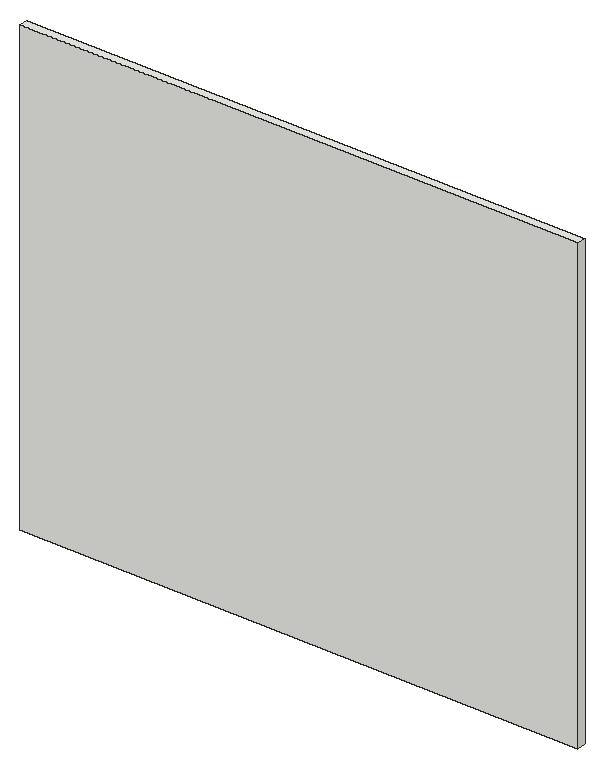
Revit family "8d8779d4348142b086db724b619e25aa", category Doors, host Wall, Revit 2021
Family settings
  Host = Wall
  OmniClass Number = 23.30.10.17.37.14
  OmniClass Title = Sectional Overhead Doors
  Always vertical = Yes
  Cut with Voids When Loaded = No
  Shared = No
  Room Calculation Point = No
Parameters (values of type "8' x 6'-6"")
  Visual Light Transmittance = 0
  Solar Heat Gain Coefficient = 0
  Rough Width [instance] = Width  # 8' - 0"
  Rough Height [instance] = Height  # 6' - 6"
  Panel Material = Steel, Paint Finish, Ivory, Matte
  Define Thermal Properties by = Schematic Type
  Construction Type Id = "MDOOR"
  Heat Transfer Coefficient (U) = 0.651978 BTU/(h·ft²·°F)
  Function = Exterior
  Assembly Code = "B2030400"
  Height [instance] = 6' - 6"
  Thickness = 0' - 1 1/2"
  Wall Closure = By host
  Width [instance] = 8' - 0"
  Analytic Construction = "Metal"
Reference planes (in)
  plane 1 "Center(Front/Back)": y = 0
  plane 2: z = 0
  plane 3 "Center (Left/Right)": x = 0
  plane 4 "Left": x = -48
  plane 5 "Right": x = 48
  plane 6 "Top": z = 78
Forms (in)
  Extrusion 1, solid, material "Steel, Paint Finish, Ivory, Matte" <- "Panel Material"
    sketch origin (0, 0, 0) x (1, 0, 0) y (0, 1, 0)
      loop
        line (-48, -4) -> (-48, -5.5) -> (48, -5.5) -> (48, -4) -> (-48, -4)
    from 0 to 78
Lines and regions (in)
  Opening 1
    outline origin (-130, -4, 0) x (1, 0, 0) y (0, 0, 1)
      loop
        line (82, 0) -> (178, 0) -> (178, 78) -> (82, 78) -> (82, 0)
  Masking region 1
    outline origin (0, 0, 0) x (1, 0, 0) y (0, 1, 0)
      loop
        line (-48, -4) -> (-48, -5.5) -> (48, -5.5) -> (48, -4) -> (-48, -4)
  model lines, style "DoorsPanelProjection"
    curve 1: line (48, -4, 0) -> (-48, -4, 0)
    curve 4: line (48, -4, 66.85714) -> (-48, -4, 66.85714)
    curve 5: line (48, -4, 55.71429) -> (-48, -4, 55.71429)
    curve 6: line (48, -4, 44.57143) -> (-48, -4, 44.57143)
    curve 7: line (48, -4, 33.42857) -> (-48, -4, 33.42857)
    curve 8: line (48, -4, 22.28571) -> (-48, -4, 22.28571)
    curve 9: line (48, -4, 11.14286) -> (-48, -4, 11.14286)
  symbolic lines, style "Elevation Swing"
    curve 2: arc (0, -4, 78) -> (0, -7.92722, 87.48114) -> (0, -17.40836, 91.40836) r 13.40836
    curve 3: line (0, -17.40836, 91.40836) -> (0, -95.40836, 91.40836)
Text (in)
  text "Exterior" at (-71.3756, 14.84512, 0), in view "Ref. Level"
  text "Exterior" at (0, 34.98637, 123.39349), in view "Right"
Dimensions and locks (in)
  equal spacing: plane 4 "Left", plane 3 "Center (Left/Right)", plane 5 "Right"
  "Width": plane 4 "Left" to plane 5 "Right"
  "Height": plane 2 to plane 6 "Top"
  "Thickness": Extrusion 1 sketch curve to Extrusion 1 sketch curve
  equal spacing: host wall, curve 9, curve 8, curve 7, curve 6, curve 5, curve 4, plane 6 "Top"
  aligned and locked: plane 4 "Left" to Opening 1 sketch curve
  aligned and locked: plane 6 "Top" to Opening 1 sketch curve  (x2)
  aligned and locked: Opening 1 sketch curve to plane 5 "Right"
  aligned and locked: Opening 1 sketch curve to level
  aligned and locked: host wall to Extrusion 1 sketch curve
  aligned and locked: plane 5 "Right" to curve 1
  aligned and locked: plane 4 "Left" to curve 1
  aligned and locked: Extrusion 1 to level
  aligned and locked: host wall to curve 2
  aligned and locked: Extrusion 1 to host wall
  aligned and locked: Extrusion 1 to curve 4
  aligned and locked: plane 4 "Left" to curve 4
  aligned and locked: plane 5 "Right" to curve 5
  aligned and locked: plane 4 "Left" to curve 5
  aligned and locked: Extrusion 1 to curve 6
  aligned and locked: plane 4 "Left" to curve 6
  aligned and locked: plane 5 "Right" to curve 7
  aligned and locked: plane 4 "Left" to curve 7
  aligned and locked: Extrusion 1 to curve 8
  aligned and locked: plane 4 "Left" to curve 8
  aligned and locked: plane 5 "Right" to curve 9
  aligned and locked: plane 4 "Left" to curve 9
  aligned and locked: Masking region 1 sketch curve to curve 1
  aligned and locked: Masking region 1 sketch curve to Extrusion 1
  aligned and locked: plane 5 "Right" to Masking region 1 sketch curve
  aligned and locked: Masking region 1 sketch curve to plane 4 "Left"
Automatic sketch dimensions
  Extrusion 1 sketch curve to plane 4 "Left" = 0' - 0"
  Extrusion 1 sketch curve to plane 5 "Right" = 0' - 0"
  curve 2 to plane 6 "Top" = 0' - 0"
  curve 2 to curve 2 = 1' - 1.40836"
  curve 3 to curve 2 = 6' - 6"
  curve 1 to level = 0' - 0"
